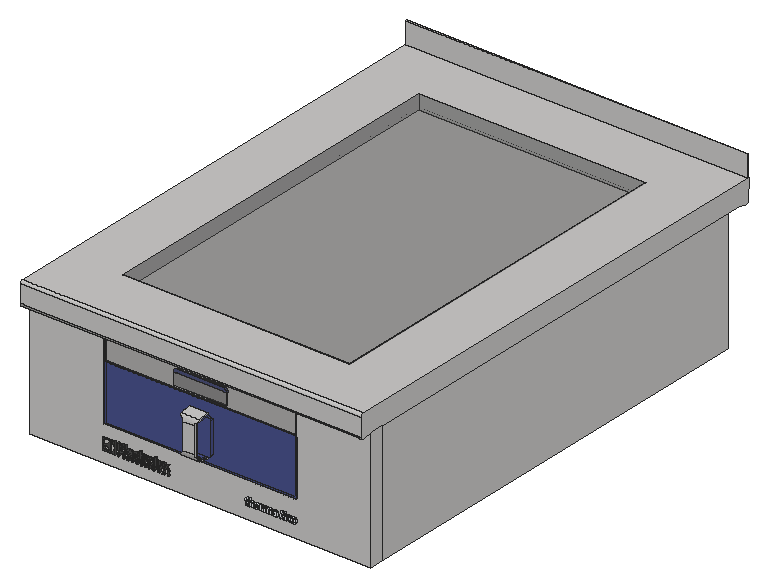
Revit family "QF_ELECTROLUXPROFESSIONAL_588686_MBRABBFOBO", category Attrezzature speciali, Revit 2020
Family settings
  Quota connettore circolare = Usa diametro
  Tipo di parte = Normale
  Basato su piano di lavoro = No
  Sempre verticale = Sì
  Taglio con vuoti quando caricato = No
  Condiviso = No
  Punto di calcolo locali = No
Parameters (values of type "Standard")
  Weight = 31.00 kg
  Watts = 550 W
  Volts = 230 V
  URL Manufacturer = "https://www.electroluxprofessional.com/"
  URL = "https://www.electroluxprofessional.com/"
  Steam Supply Size = 0"
  Steam Supply Minimum Pressure = 0.00 psi
  Steam Supply Maximum Pressure = 0.00 psi
  Steam Consumption per Hour = 0
  Refrigeration Suction Line Size = 0 mm
  Refrigeration Liquid Line Size = 0 mm
  Refrigerant Compressor Remote = yes
  Prospetto di default = 0 mm
  Phase = 1
  Modello = "MBRABBFOBO"
  Produttore = "Electrolux Professional"
  Length Actual = 600 mm  # constant formula
  Item Number = "588686"
  Hot Water Size = 0"
  Height Actual = 250 mm  # constant formula
  HP = "0.7 HP"
  Gas Size = 0"
  Gas KW = 0
  Gas Input Pressure = 0.0 Btu/h
  Direct Waste Size = 0"
  Descrizione = "EL.WARMING PLATE,1S,BS,600X850X250H"
  Depth Actual = 850 mm  # constant formula
  Cycle = 50 Hz
  Condensate Return Size = 0"
  Compressed Air Volume = 0 GPM
  Compressed Air Size = 0"
  Compressed Air Pressure = 0.00 psi
  Cold Water Size = 0"
  Accessory = yes
Reference planes
  plane 1 "BACK": y = 0
  plane 2: z = 0
  plane 3 "LEFT": x = 0
  plane 4 "RIGHT": x = 600
  plane 5 "FRONT": y = -850
  plane 6 "TOP": z = 900
  plane 7 "Center (Left/Right)": x = 300
  plane 8: y = -425
  plane 9: y = -150
  plane 10: x = 100
  plane 11: x = 500
  plane 12: y = -100
  plane 13: y = -750
  plane 14 "EIx": x = 555
  plane 15 "EIy": y = -635
  plane 16: z = 938
  plane 17 "BaseTop": z = 650
  plane 18: y = -805
Forms (mm)
  Extrusion 1, solid, material "QF_Finishes_Stainless Steel"
    sketch origin (-178.969, -4572, 100) x (-1, 0, 0) y (0, -1, 0)
      loop
        line (-178.969, -4527) -> (-178.969, -3767) -> (-778.969, -3767) -> (-778.969, -4527) -> (-178.969, -4527)
    from 550 to 762.969
  Extrusion 2, solid, material "QF_Finishes_Stainless Steel"
    sketch origin (0, 0, 650) x (-1, 0, 0) y (0, -1, 0)
      loop
        circle (-555, 635) r 6.35
    from 0 to -11.851
  Extrusion 3, solid, material "QF_Finishes_Stainless Steel"
    sketch origin (300, 296.4, 1219.2) x (0, 1, 0) y (0, 0, 1)
      loop
        line (-296.4, -319.2) -> (-1141.4, -319.2)
        arc (-1141.4, -319.2) -> (-1144.935, -320.664) -> (-1146.4, -324.2) r 5
        line (-1146.4, -324.2) -> (-1146.4, -355.2)
        arc (-1146.4, -355.2) -> (-1144.971, -358.264) -> (-1141.705, -359.139) r 4
        line (-1141.705, -359.139) -> (-1126.4, -356.231) -> (-316.4, -356.231) -> (-301.094, -359.139)
        arc (-301.094, -359.139) -> (-297.829, -358.264) -> (-296.4, -355.2) r 4
        line (-296.4, -355.2) -> (-296.4, -319.2)
    from -300 to 300
  Extrusion 4, solid, material "QF_Finishes_Electrolux_Black Smoke Iluminated"
    sketch origin (0, 0, 900) x (-1, 0, 0) y (0, -1, 0)
      loop
        line (-100, 100) -> (-100, 750) -> (-500, 750) -> (-500, 100) -> (-100, 100)
    from 1 to -20
  Extrusion 5, void
    sketch origin (0, 0, 900) x (-1, 0, 0) y (0, -1, 0)
      loop
        line (-100, 750) -> (-500, 750) -> (-500, 100) -> (-100, 100) -> (-100, 750)
    from 0 to -25
  Extrusion 6, solid, material "QF_Finishes_Stainless Steel"
    sketch origin (300, 296.4, 1219.2) x (0, 1, 0) y (0, 0, 1)
      loop
        line (-296.4, -319.2) -> (-296.4, -281.2) -> (-298.4, -281.2) -> (-298.4, -319.2) -> (-296.4, -319.2)
    from 300 to -300
Cuts and joins
  Extrusion 5 cuts Extrusion 3
Lines and regions (mm)
  symbolic lines
    curve 1: line (0, 0, 100) -> (600, 0, 100)
    curve 2: line (0, -850, 100) -> (0, 0, 100)
    curve 3: line (600, -850, 100) -> (0, -850, 100)
    curve 4: line (600, 0, 100) -> (600, -850, 100)
    curve 5: line (100, -750, 0) -> (500, -750, 0)
    curve 6: line (500, -750, 0) -> (500, -100, 0)
    curve 7: line (500, -100, 0) -> (100, -100, 0)
    curve 8: line (100, -100, 0) -> (100, -750, 0)
    curve 9: line (0, -2, 0) -> (1000, -2, 0)
Dimensions and locks
  plane 3 "LEFT" to plane 4 "RIGHT" = 600 mm
  locked: plane 5 "FRONT" to plane 1 "BACK" at 850
  equal spacing: plane 3 "LEFT", plane 7 "Center (Left/Right)", plane 4 "RIGHT"
  equal spacing: plane 5 "FRONT", plane 8, plane 1 "BACK"
  plane 6 "TOP" to level = 900 mm  (x2)
  plane 1 "BACK" to plane 9 = 150 mm
  plane 1 "BACK" to Extrusion 2 = 635 mm
  locked: plane 14 "EIx" to plane 4 "RIGHT" at 45
  locked: plane 15 "EIy" to plane 1 "BACK" at 635
  plane 16 to plane 6 "TOP" = 38 mm
  locked: plane 12 to plane 1 "BACK" at 100
  locked: plane 5 "FRONT" to plane 13 at 100
  plane 3 "LEFT" to plane 10 = 100 mm
  plane 11 to plane 4 "RIGHT" = 100 mm
  locked: plane 6 "TOP" to plane 17 "BaseTop" at 250
  locked: plane 18 to plane 5 "FRONT" at 45
  aligned and locked: level to plane 2
  aligned and locked: cut or joined group of Extrusion 3, Extrusion 5 to plane 3 "LEFT"
  aligned and locked: cut or joined group of Extrusion 3, Extrusion 5 to plane 4 "RIGHT"
  aligned and locked: Extrusion 5 sketch curve to plane 10
  aligned and locked: plane 12 to Extrusion 5 sketch curve
  aligned and locked: plane 11 to Extrusion 5 sketch curve
  aligned and locked: Extrusion 5 sketch curve to plane 13
  aligned and locked: plane 12 to Extrusion 4 sketch curve
  aligned and locked: Extrusion 4 sketch curve to plane 10
  aligned and locked: Extrusion 4 sketch curve to plane 13
  aligned and locked: plane 11 to Extrusion 4 sketch curve
  aligned and locked: nested 1 to plane 18
  aligned and locked: Extrusion 1 to plane 18
  aligned and locked: Extrusion 6 to plane 3 "LEFT"
  aligned and locked: Extrusion 6 to plane 4 "RIGHT"
  aligned and locked: plane 3 "LEFT" to nested 1
Automatic sketch dimensions
  Extrusion 3 sketch curve to plane 5 "FRONT" = 0 mm
  Extrusion 3 sketch curve to plane 6 "TOP" = 0 mm
  Extrusion 3 sketch curve to plane 1 "BACK" = 0 mm
  Extrusion 3 sketch curve to plane 5 "FRONT" = 4 mm
  Extrusion 3 sketch curve to Extrusion 3 sketch curve = 0.695 mm
  Extrusion 3 sketch curve to plane 5 "FRONT" = 5 mm
  Extrusion 3 sketch curve to Extrusion 3 sketch curve = 15.305 mm
  plane 1 "BACK" to Extrusion 3 sketch curve = 20 mm
  plane 1 "BACK" to Extrusion 3 sketch curve = 4.695 mm
  Extrusion 3 sketch curve to Extrusion 3 sketch curve = 4 mm
  Extrusion 3 sketch curve to Extrusion 3 sketch curve = 31 mm
  Extrusion 3 sketch curve to plane 6 "TOP" = 36 mm
  Extrusion 3 sketch curve to Extrusion 3 sketch curve = 2.909 mm
  Extrusion 1 sketch curve to plane 4 "RIGHT" = 0 mm
  Extrusion 1 sketch curve to plane 3 "LEFT" = 0 mm
  plane 1 "BACK" to Extrusion 1 sketch curve = 45 mm
  plane 1 "BACK" to curve 1 = 0 mm
  curve 1 to plane 4 "RIGHT" = 0 mm
  curve 2 to plane 3 "LEFT" = 0 mm
  plane 5 "FRONT" to curve 3 = 0 mm
  curve 5 to plane 10 = 0 mm
  curve 5 to plane 11 = 0 mm
  plane 13 to curve 6 = 0 mm
  plane 12 to curve 6 = 0 mm
  Extrusion 2 sketch curve to plane 14 "EIx" = 0 mm
  Extrusion 2 sketch curve to plane 15 "EIy" = 0 mm
  Extrusion 1 sketch curve to plane 5 "FRONT" = 45 mm
  Extrusion 6 sketch curve to plane 6 "TOP" = 0 mm
  Extrusion 6 sketch curve to plane 16 = 0 mm
  Extrusion 6 sketch curve to plane 1 "BACK" = 0 mm
  Extrusion 6 sketch curve to Extrusion 6 sketch curve = 2 mm
  radius of Extrusion 2 sketch curve = 6.35 mm
Nested families
  nested 1: "Front_Panel_W600_1 Knob" at (102.376, -805, 0), type "Front_Panel_W600_1 Knob"
Connectors
  electrical at (555, -635, 638.149)
    settings: on Extrusion 2, index 1, voltage 400 V, apparent load 33000 VA, apparent load phase1 0 VA, apparent load phase2 0 VA, apparent load phase3 0 VA, power factor 1, load classification "Other", number of poles 1, system type 30, power factor state 1, is connector primary yes, connector utility no, sub classification motor no, connector description "ELECTRICAL CONNECTION"
Definition of nested family "Front_Panel_W600_1 Knob"
  Parameters
    Width = 600 mm
    Default Elevation = 0 mm
  Reference planes
    plane 1 "Center (Front/Back)": y = 0
    plane 2: z = 0
    plane 3 "Center (Left/Right)": x = 197.624
    plane 4 "Left": x = -102.376
    plane 5 "Right": x = 497.624
    plane 6: y = -45
    plane 7: y = -25
    plane 8: x = 367.624
    plane 9: x = 27.624
  Forms (mm)
    Extrusion 1, solid
      sketch origin (833.217, 829.203, -1.25) x (0, 1, 0) y (0, 0, 1)
        loop
          line (-854.203, 651.25) -> (-829.203, 651.25) -> (-829.203, 864.25) -> (-854.203, 864.25) -> (-854.203, 651.25)
      from -935.593 to -335.593
    Extrusion 2, void
      sketch origin (0, 0, 0) x (1, 0, 0) y (0, 0, 1)
        loop
          line (27.624, 853.866) -> (27.624, 711.866) -> (367.624, 711.866) -> (367.624, 853.866) -> (27.624, 853.866)
      from 19.387 to 33.951
  Cuts and joins
    Extrusion 2 cuts Extrusion 1
  Dimensions and locks
    equal spacing: plane 5 "Right", plane 3 "Center (Left/Right)", plane 4 "Left"
    "Width": plane 5 "Right" to plane 4 "Left"
    aligned and locked: cut or joined group of Extrusion 1, Extrusion 2 to plane 4 "Left"
    aligned and locked: plane 5 "Right" to cut or joined group of Extrusion 1, Extrusion 2
    aligned and locked: plane 3 "Center (Left/Right)" to nested 1
    aligned and locked: cut or joined group of Extrusion 1, Extrusion 2 to nested 1
    aligned and locked: plane 9 to Extrusion 2 sketch curve
    aligned and locked: Extrusion 2 sketch curve to plane 8
    aligned and locked: plane 9 to cut or joined group of Extrusion 1, Extrusion 2
    aligned and locked: plane 8 to cut or joined group of Extrusion 1, Extrusion 2
    aligned and locked: plane 9 to nested 1
    aligned and locked: plane 8 to nested 1
    aligned and locked: nested 4 to plane 9
  Automatic sketch dimensions
    Extrusion 1 sketch curve to plane 1 "Center (Front/Back)" = 0 mm
    level to Extrusion 1 sketch curve = 650 mm
    level to Extrusion 2 sketch curve = 711.866 mm
    Extrusion 2 sketch curve to Extrusion 2 sketch curve = 142 mm
    Extrusion 1 sketch curve to plane 6 = 20 mm
    Extrusion 1 sketch curve to Extrusion 1 sketch curve = 213 mm
  Nested families
    nested 1: "Front glass control panel W340_1 Knob" at (197.624, 280.644, 2.752), type "Front glass control panel W340_1 Knob"
    nested 2: "Range Control Handle" at (197.624, -28.137, -209.113) x (-1, 0, 0) z (0, 0, 1), type "Range Control Handle"
    nested 3: "ELX_ThermaLine_Small" at (319.031, -25, 679.426) x (1, 0, 0) z (0, -1, 0), type "ELX_ThermaLine_Small"
      with Show Logo yes, Material_Logo none
    nested 4: "ELX_Professional_Logo_Small" at (87.11, -25, 681.659) x (1, 0, 0) z (0, -1, 0), type "ELX_Professional_Logo_Small"
      with Show Logo yes, Material_Logo none
  Definition of nested family "Front glass control panel W340_1 Knob"
    Parameters
      Default Elevation = 0 mm
    Reference planes
      plane 1 "Center (Front/Back)": y = 0
      plane 2: z = 0
      plane 3 "Center (Left/Right)": x = 0
    Forms (mm)
      Extrusion 1, solid
        sketch origin (378.286, 0, 0.617) x (1, 0, 0) y (0, 0, 1)
          loop
            line (-548.286, 806.791) -> (-548.286, 708.497) -> (-208.286, 708.497) -> (-208.286, 806.791) -> (-548.286, 806.791)
        from 300.031 to 304.8
      Extrusion 2, solid
        sketch origin (378.286, 0, 0.617) x (1, 0, 0) y (0, 0, 1)
          loop
            line (-548.286, 850.497) -> (-548.286, 806.791) -> (-208.286, 806.791) -> (-208.286, 850.497) -> (-548.286, 850.497)
        from 300.031 to 304.8
      Extrusion 3, void
        sketch origin (378.286, 0, 0.617) x (1, 0, 0) y (0, 0, 1)
          loop
            line (-545.628, 847.565) -> (-545.628, 710.699) -> (-211.196, 710.699) -> (-211.196, 847.565) -> (-545.628, 847.565)
        from 303.697 to 304.8
      Extrusion 4, solid
        sketch origin (308.309, 1.101, -0.633) x (1, 0, 0) y (0, 0, 1)
          loop
            line (-261.431, 812.62) -> (-261.431, 834.177) -> (-266.24, 834.177) -> (-268.039, 835.977) -> (-348.469, 835.977) -> (-350.269, 834.177) -> (-355.186, 834.177) -> (-355.186, 812.62) -> (-261.431, 812.62)
        from 304.798 to 306.745
      Extrusion 5, solid
        sketch origin (308.309, 1.101, -0.633) x (1, 0, 0) y (0, 0, 1)
          loop
            line (-350.269, 834.177) -> (-348.469, 835.977) -> (-268.039, 835.977) -> (-266.24, 834.177) -> (-261.529, 834.177)
            arc (-261.529, 834.177) -> (-262.706, 838.752) -> (-266.98, 840.763) r 5.549
            line (-266.98, 840.763) -> (-349.686, 840.763)
            arc (-349.686, 840.763) -> (-353.942, 838.747) -> (-355.078, 834.177) r 5.5
            line (-355.078, 834.177) -> (-350.269, 834.177)
        from 304.798 to 306.745
    Cuts and joins
      Extrusion 3 cuts Extrusion 1
      Extrusion 3 cuts Extrusion 2
    Dimensions and locks
      equal spacing: cut or joined group of Extrusion 2, Extrusion 3, plane 3 "Center (Left/Right)", cut or joined group of Extrusion 2, Extrusion 3
      cut or joined group of Extrusion 2, Extrusion 3 to cut or joined group of Extrusion 2, Extrusion 3 = 340 mm
      aligned and locked: Extrusion 1 to Extrusion 2
      aligned and locked: Extrusion 5 to Extrusion 4
    Automatic sketch dimensions
      Extrusion 1 sketch curve to plane 3 "Center (Left/Right)" = 170 mm
      plane 3 "Center (Left/Right)" to Extrusion 1 sketch curve = 170 mm
      level to Extrusion 1 sketch curve = 709.114 mm
      Extrusion 1 sketch curve to Extrusion 1 sketch curve = 98.294 mm
      Extrusion 2 sketch curve to plane 3 "Center (Left/Right)" = 170 mm
      plane 3 "Center (Left/Right)" to Extrusion 2 sketch curve = 170 mm
      level to Extrusion 2 sketch curve = 807.408 mm
      Extrusion 2 sketch curve to Extrusion 2 sketch curve = 43.706 mm
      Extrusion 3 sketch curve to plane 3 "Center (Left/Right)" = 167.342 mm
      plane 3 "Center (Left/Right)" to Extrusion 3 sketch curve = 167.091 mm
      level to Extrusion 3 sketch curve = 711.316 mm
      Extrusion 3 sketch curve to Extrusion 3 sketch curve = 136.866 mm
      Extrusion 4 sketch curve to plane 3 "Center (Left/Right)" = 46.877 mm
      Extrusion 4 sketch curve to Extrusion 4 sketch curve = 4.917 mm
      Extrusion 4 sketch curve to Extrusion 4 sketch curve = 1.8 mm  (x3)
      plane 3 "Center (Left/Right)" to Extrusion 4 sketch curve = 40.269 mm
      Extrusion 4 sketch curve to Extrusion 4 sketch curve = 4.809 mm
      level to Extrusion 4 sketch curve = 811.987 mm
      Extrusion 4 sketch curve to Extrusion 4 sketch curve = 21.557 mm  (x2)
      Extrusion 5 sketch curve to plane 3 "Center (Left/Right)" = 46.769 mm
      Extrusion 5 sketch curve to Extrusion 5 sketch curve = 4.809 mm
      Extrusion 5 sketch curve to Extrusion 5 sketch curve = 0.583 mm
      Extrusion 5 sketch curve to Extrusion 5 sketch curve = 1.217 mm
      plane 3 "Center (Left/Right)" to Extrusion 5 sketch curve = 40.269 mm
      Extrusion 5 sketch curve to Extrusion 5 sketch curve = 1.059 mm
      Extrusion 5 sketch curve to Extrusion 5 sketch curve = 0.741 mm
      Extrusion 5 sketch curve to Extrusion 5 sketch curve = 4.711 mm
      level to Extrusion 5 sketch curve = 833.543 mm
      Extrusion 5 sketch curve to Extrusion 5 sketch curve = 0 mm
      Extrusion 5 sketch curve to Extrusion 5 sketch curve = 1.037 mm
      Extrusion 5 sketch curve to Extrusion 5 sketch curve = 0.714 mm
  Definition of nested family "Range Control Handle"
    Parameters
      Default Elevation = 0 mm
    Reference planes
      plane 1 "Center (Front/Back)": y = 0
      plane 2: z = 0
      plane 3 "Center (Left/Right)": x = 0
      plane 4: z = 971.092
      plane 5: y = -16.9
    Forms (mm)
      Extrusion 1, solid
        sketch origin (-746.28, 380.497, 208.931) x (-1, 0, 0) y (0, 0, 1)
          loop
            line (-770.101, 786.798) -> (-770.101, 731.649)
            arc (-770.101, 731.649) -> (-769.759, 730.563) -> (-768.855, 729.87) r 1.893
            line (-768.855, 729.87) -> (-763.474, 727.911) -> (-729.81, 727.911) -> (-724.428, 729.87)
            arc (-724.428, 729.87) -> (-723.525, 730.563) -> (-723.183, 731.649) r 1.893
            line (-723.183, 731.649) -> (-723.183, 786.798)
            arc (-723.183, 786.798) -> (-723.529, 787.894) -> (-724.44, 788.593) r 1.91
            line (-724.44, 788.593) -> (-729.683, 790.819) -> (-763.601, 790.819) -> (-768.844, 788.593)
            arc (-768.844, 788.593) -> (-769.755, 787.894) -> (-770.101, 786.798) r 1.91
        from -382.35 to -378.852
      Sweep 2, solid
        path origin (-746.788, 380.496, 208.091) x (0, -1, 0) y (0, 0, 1)
          loop
            line (379.775, 793.281) -> (395.661, 791.048)
            arc (395.661, 791.048) -> (397.781, 787.377) -> (398.517, 783.202) r 12.207
            line (398.517, 783.202) -> (398.517, 737.368)
            arc (398.517, 737.368) -> (397.781, 733.193) -> (395.661, 729.522) r 12.207
            line (395.661, 729.522) -> (379.775, 727.289)
        profile origin (-746.788, -7.222, 1000.256) x (0, -0.139173, 0.990268) y (-1, 0, 0)
          loop
            line (0.782, -763.123) -> (0.782, -730.907) -> (-1.322, -730.907) -> (-1.322, -763.123) -> (0.782, -763.123)
      Sweep 3, solid
        path origin (-746.788, 380.715, 207.832) x (0, -1, 0) y (0, 0, 1)
          loop
            line (380.478, 795.442) -> (397.218, 793.09)
            arc (397.218, 793.09) -> (399.929, 788.473) -> (400.871, 783.202) r 15.207
            line (400.871, 783.202) -> (400.871, 737.584)
            arc (400.871, 737.584) -> (399.914, 732.274) -> (397.164, 727.633) r 15.207
            line (397.164, 727.633) -> (380.601, 725.305)
        profile origin (-746.788, -8.132, 1002.099) x (0, -0.139173, 0.990268) y (-1, 0, 0)
          loop
            line (0.782, -763.123) -> (0.782, -730.907) -> (-1.322, -730.907) -> (-1.322, -763.123) -> (0.782, -763.123)
      Extrusion 4, void
        sketch origin (889.253, 220.666, 207.993) x (1, 0, 0) y (0, 0, 1)
          loop
            line (-943.038, 816.854) -> (-943.038, 703.686) -> (-899.466, 734.196) -> (-899.466, 786.344) -> (-943.038, 816.854)
        from 230.636 to 242.25
      Extrusion 5, void
        sketch origin (-888.8, 220.666, 207.993) x (-1, 0, 0) y (0, 0, -1)
          loop
            line (-943.038, -816.854) -> (-899.466, -786.344) -> (-899.466, -734.196) -> (-943.038, -703.686) -> (-943.038, -816.854)
        from 230.636 to 242.25
      Extrusion 6, solid
        sketch origin (0, 0, 0) x (1, 0, 0) y (0, 0, 1)
          loop
            circle (0, 971.092) r 7.736
        from -3.137 to -1.645
    Cuts and joins
      Extrusion 4, Extrusion 5 cuts Sweep 3
      Extrusion 4, Extrusion 5 cuts Sweep 2
      joined: Extrusion 1, Extrusion 6
    Lines and regions (mm)
      symbolic lines
        curve 1: line (16.334, -16.9, 0) -> (16.334, -19.227, 0)
        curve 2: spline (16.334, -19.227, 0) -> (15.87, -19.385, 0) -> (15.404, -19.536, 0) -> (14.936, -19.678, 0) -> (14.466, -19.813, 0) -> (13.995, -19.94, 0) -> (13.523, -20.059, 0) -> (13.049, -20.171, 0) -> (12.575, -20.274, 0) -> (12.099, -20.37, 0) -> (11.622, -20.458, 0) -> (11.144, -20.537, 0) -> (10.666, -20.609, 0)
        curve 3: line (10.666, -16.9, 0) -> (10.666, -20.938, 0)
        curve 4: line (-10.213, -20.938, 0) -> (10.666, -20.938, 0)
        curve 5: line (-10.213, -20.938, 0) -> (-10.213, -16.9, 0)
        curve 6: spline (-10.213, -20.609, 0) -> (-10.691, -20.537, 0) -> (-11.169, -20.458, 0) -> (-11.646, -20.37, 0) -> (-12.122, -20.274, 0) -> (-12.597, -20.171, 0) -> (-13.07, -20.059, 0) -> (-13.542, -19.94, 0) -> (-14.013, -19.813, 0) -> (-14.483, -19.678, 0) -> (-14.951, -19.536, 0) -> (-15.417, -19.385, 0) -> (-15.881, -19.227, 0)
        curve 7: line (-15.881, -19.227, 0) -> (-15.881, -16.9, 0)
  Definition of nested family "ELX_ThermaLine_Small"
    Parameters
      Show Logo [instance] = yes
      Material_Logo [instance] = none
      Default Elevation = 0 mm
    Reference planes
      plane 1 "Centro (Fronte/Retro)": y = 0
      plane 2: z = 0
      plane 3 "Centro (Sinistra/Destra)": x = 0
    Forms (mm)
      Extrusion 1, solid
        sketch origin (0, 0, 0) x (1, 0, 0) y (0, 1, 0)
          loop
            line (-1219.2, 1219.2) -> (-1219.2, -1219.2) -> (1219.2, -1219.2) -> (1219.2, 1219.2) -> (-1219.2, 1219.2)
        from 0 to -304.8
      Extrusion 2, solid
        sketch origin (0, 0, 0) x (1, 0, 0) y (0, 1, 0)
          loop
            line (-37.494, 1.229) -> (-35.908, 1.229) -> (-35.908, 3.066) -> (-37.494, 3.066) -> (-37.494, 6.221) -> (-39.867, 4.881) -> (-39.867, 3.066) -> (-40.969, 3.066) -> (-40.969, 1.229) -> (-39.867, 1.229) -> (-39.867, -3.407)
            arc (-39.867, -3.407) -> (-38.982, -5.513) -> (-36.751, -6.001) r 2.478
            line (-36.751, -6.001) -> (-35.638, -5.7) -> (-35.9, -3.835) -> (-36.661, -4.039)
            arc (-36.661, -4.039) -> (-37.236, -3.924) -> (-37.494, -3.399) r 0.662
            line (-37.494, -3.399) -> (-37.494, 1.229)
          loop
            line (-34.242, 6.539) -> (-34.242, -5.848) -> (-31.854, -5.848) -> (-31.854, -0.078)
            arc (-31.854, -0.078) -> (-30.939, 1.249) -> (-29.33, 1.367) r 1.866
            arc (-29.33, 1.367) -> (-28.695, 0.768) -> (-28.461, -0.073) r 1.627
            line (-28.461, -0.073) -> (-28.461, -5.848) -> (-26.086, -5.848) -> (-26.064, -0.46)
            arc (-26.064, -0.46) -> (-26.261, 0.932) -> (-26.786, 2.237) r 5.825
            arc (-26.786, 2.237) -> (-29.381, 3.264) -> (-31.854, 1.971) r 3.353
            line (-31.854, 1.971) -> (-31.854, 6.539) -> (-34.242, 6.539)
          loop
            arc (-18.398, -0.598) -> (-18.893, 0.879) -> (-20.326, 1.487) r 1.897
            arc (-20.326, 1.487) -> (-21.461, 0.708) -> (-21.897, -0.598) r 2.164
            line (-21.897, -0.598) -> (-18.398, -0.598)
          loop
            arc (-16.021, -2.044) -> (-16.754, 1.227) -> (-19.444, 3.226) r 4.814
            arc (-19.444, 3.226) -> (-22.137, 2.788) -> (-23.943, 0.743) r 4.054
            arc (-23.943, 0.743) -> (-24.382, -1.249) -> (-24.162, -3.276) r 6.289
            arc (-24.162, -3.276) -> (-23.302, -4.71) -> (-21.958, -5.705) r 4.28
            arc (-21.958, -5.705) -> (-18.558, -5.814) -> (-16.152, -3.409) r 4.28
            line (-16.152, -3.409) -> (-18.5, -2.995)
            arc (-18.5, -2.995) -> (-19.273, -3.994) -> (-20.533, -4.076) r 1.536
            arc (-20.533, -4.076) -> (-21.56, -3.281) -> (-21.958, -2.044) r 2.197
            line (-21.958, -2.044) -> (-16.021, -2.044)
          loop
            line (-14.165, -5.848) -> (-11.819, -5.848) -> (-11.819, -2.138)
            arc (-11.819, -2.138) -> (-11.787, -1.156) -> (-11.637, -0.185) r 8.18
            arc (-11.637, -0.185) -> (-10.644, 0.972) -> (-9.132, 0.776) r 1.603
            line (-9.132, 0.776) -> (-8.419, 2.846)
            arc (-8.419, 2.846) -> (-10.432, 3.118) -> (-11.994, 1.821) r 2.527
            line (-11.994, 1.821) -> (-11.994, 3.094) -> (-14.165, 3.094) -> (-14.165, -5.848)
          loop
            line (-7.579, 3.094) -> (-7.579, -5.848) -> (-5.178, -5.848) -> (-5.178, -0.756)
            arc (-5.178, -0.756) -> (-4.727, 0.679) -> (-3.417, 1.419) r 2.05
            arc (-3.417, 1.419) -> (-2.499, 0.908) -> (-2.155, -0.085) r 1.471
            line (-2.155, -0.085) -> (-2.155, -5.848) -> (0.23, -5.848) -> (0.23, -1.001)
            arc (0.23, -1.001) -> (0.47, 0.127) -> (1.148, 1.061) r 2.775
            arc (1.148, 1.061) -> (2.225, 1.329) -> (3.05, 0.587) r 1.182
            arc (3.05, 0.587) -> (3.199, -0.019) -> (3.214, -0.642) r 2.894
            line (3.214, -0.642) -> (3.214, -5.848) -> (5.601, -5.848) -> (5.601, 0.261)
            arc (5.601, 0.261) -> (4.87, 2.263) -> (2.976, 3.241) r 2.932
            arc (2.976, 3.241) -> (1.284, 2.973) -> (-0.047, 1.896) r 3.309
            arc (-0.047, 1.896) -> (-1.116, 2.865) -> (-2.506, 3.258) r 3.16
            arc (-2.506, 3.258) -> (-4.105, 2.942) -> (-5.376, 1.92) r 3.419
            line (-5.376, 1.92) -> (-5.376, 3.094) -> (-7.579, 3.094)
          loop
            line (7.583, 0.738) -> (9.702, 0.364)
            arc (9.702, 0.364) -> (11.441, 1.492) -> (12.855, -0.023) r 1.613
            line (12.855, -0.023) -> (9.782, -0.789)
            arc (9.782, -0.789) -> (8.559, -1.346) -> (7.617, -2.305) r 3.687
            arc (7.617, -2.305) -> (7.499, -3.681) -> (7.901, -5.003) r 3.651
            arc (7.901, -5.003) -> (9.107, -5.766) -> (10.515, -6.006) r 3.635
            arc (10.515, -6.006) -> (11.898, -5.697) -> (13.067, -4.895) r 3.734
            line (13.067, -4.895) -> (13.376, -5.848) -> (15.75, -5.848) -> (15.212, -4.193) -> (15.212, 0.38)
            arc (15.212, 0.38) -> (14.897, 1.849) -> (13.818, 2.895) r 2.585
            arc (13.818, 2.895) -> (11.792, 3.442) -> (9.719, 3.11) r 5.005
            arc (9.719, 3.11) -> (8.369, 2.178) -> (7.583, 0.738) r 3.54
          loop
            line (19.723, -5.848) -> (22.233, -5.848) -> (24.854, 6.484) -> (22.345, 6.484) -> (19.723, -5.848)
          loop
            line (24.583, -5.848) -> (26.953, -5.848) -> (28.848, 3.066) -> (26.478, 3.066) -> (24.583, -5.848)
          loop
            line (27.204, 6.484) -> (26.741, 4.305) -> (29.111, 4.305) -> (29.575, 6.484) -> (27.204, 6.484)
          loop
            line (29.355, -5.848) -> (31.849, -5.848) -> (33.098, 0.028)
            arc (33.098, 0.028) -> (34.169, 1.306) -> (35.832, 1.422) r 2.132
            arc (35.832, 1.422) -> (36.324, 0.752) -> (36.383, -0.078) r 1.5
            line (36.383, -0.078) -> (35.157, -5.848) -> (37.536, -5.848) -> (38.936, 0.738)
            arc (38.936, 0.738) -> (38.775, 2.091) -> (37.825, 3.066) r 2.118
            arc (37.825, 3.066) -> (35.392, 3.175) -> (33.295, 1.937) r 4.271
            line (33.295, 1.937) -> (33.535, 3.066) -> (31.25, 3.066) -> (29.355, -5.848)
          loop
            line (42.792, -0.64) -> (46.589, -0.64)
            arc (46.589, -0.64) -> (46.639, 0.124) -> (46.327, 0.823) r 1.589
            arc (46.327, 0.823) -> (45.117, 1.521) -> (43.762, 1.183) r 1.865
            arc (43.762, 1.183) -> (43.141, 0.344) -> (42.792, -0.64) r 3.538
          loop
            line (42.565, -2.138) -> (48.593, -2.138)
            arc (48.593, -2.138) -> (48.58, 0.597) -> (46.983, 2.818) r 4.494
            arc (46.983, 2.818) -> (44.191, 3.28) -> (41.725, 1.891) r 4.26
            arc (41.725, 1.891) -> (40.503, -0.3) -> (40.284, -2.799) r 6.003
            arc (40.284, -2.799) -> (40.959, -4.468) -> (42.377, -5.576) r 3.482
            arc (42.377, -5.576) -> (44.265, -5.961) -> (46.152, -5.576) r 4.823
            arc (46.152, -5.576) -> (47.432, -4.731) -> (48.328, -3.485) r 4.245
            line (48.328, -3.485) -> (46.168, -3.105)
            arc (46.168, -3.105) -> (45.214, -4.072) -> (43.859, -4.181) r 1.953
            arc (43.859, -4.181) -> (42.821, -3.408) -> (42.565, -2.138) r 1.81
          loop
            line (12.868, -1.553) -> (10.216, -2.214)
            arc (10.216, -2.214) -> (9.747, -3.136) -> (10.216, -4.058) r 1.14
            arc (10.216, -4.058) -> (11.537, -4.249) -> (12.614, -3.46) r 1.763
            arc (12.614, -3.46) -> (12.858, -2.522) -> (12.868, -1.553) r 3.97
        from 0 to 1.6
    Dimensions and locks
      aligned and locked: plane 2 to Extrusion 1
      aligned and locked: level to Extrusion 1
  Definition of nested family "ELX_Professional_Logo_Small"
    Parameters
      Show Logo [instance] = yes
      Material_Logo [instance] = none
      Default Elevation = 0 mm
    Reference planes
      plane 1 "Centro (Fronte/Retro)": y = 0
      plane 2: z = 0
      plane 3 "Centro (Sinistra/Destra)": x = 0
    Forms (mm)
      Extrusion 1, solid
        sketch origin (0, 0, 0) x (1, 0, 0) y (0, 1, 0)
          loop
            line (-1219.2, 1219.2) -> (-1219.2, -1219.2) -> (1219.2, -1219.2) -> (1219.2, 1219.2) -> (-1219.2, 1219.2)
        from 0 to -304.8
      Extrusion 2, solid, material <- "Material_Logo"
        sketch origin (15.5, 0, 0) x (1, 0, 0) y (0, 1, 0)
          loop
            spline (-42.99, -1.24) -> (-43.195, -1.231) -> (-43.415, -1.203) -> (-43.642, -1.152) -> (-43.87, -1.074) -> (-44.095, -0.966) -> (-44.309, -0.825) -> (-44.506, -0.647) -> (-44.681, -0.429) -> (-44.828, -0.167) -> (-44.94, 0.142) -> (-45.011, 0.501) -> (-45.037, 0.915)
            line (-45.037, 0.915) -> (-45.037, 2.748) -> (-38.984, 2.748) -> (-38.984, 5.086) -> (-45.038, 5.086) -> (-45.038, 8.489) -> (-38.599, 8.489) -> (-38.599, 10.82) -> (-47.515, 10.82) -> (-47.515, 1.021)
            spline (-47.515, 1.021) -> (-47.493, 0.418) -> (-47.425, -0.15) -> (-47.311, -0.682) -> (-47.15, -1.175) -> (-46.939, -1.628) -> (-46.678, -2.038) -> (-46.365, -2.404) -> (-46, -2.723) -> (-45.58, -2.995) -> (-45.105, -3.216) -> (-44.573, -3.385) -> (-43.983, -3.499)
            line (-43.983, -3.499) -> (-43.01, -3.569) -> (-38.426, -3.569) -> (-38.426, -1.24) -> (-42.99, -1.24)
          loop
            line (-36.666, 4.021) -> (-36.666, -3.573) -> (-34.188, -3.573) -> (-34.188, 10.824) -> (-36.666, 10.824) -> (-36.666, 4.021)
          loop
            spline (-21.915, 1.897) -> (-21.957, 2.615) -> (-22.082, 3.303) -> (-22.285, 3.955) -> (-22.563, 4.564) -> (-22.913, 5.124) -> (-23.331, 5.629) -> (-23.814, 6.074) -> (-24.359, 6.451) -> (-24.961, 6.755) -> (-25.618, 6.98) -> (-26.326, 7.119) -> (-27.081, 7.167)
            spline (-27.081, 7.167) -> (-27.853, 7.122) -> (-28.586, 6.99) -> (-29.275, 6.774) -> (-29.915, 6.478) -> (-30.5, 6.104) -> (-31.024, 5.657) -> (-31.483, 5.138) -> (-31.871, 4.553) -> (-32.182, 3.904) -> (-32.411, 3.194) -> (-32.552, 2.427) -> (-32.6, 1.606)
            spline (-32.6, 1.606) -> (-32.553, 0.805) -> (-32.416, 0.057) -> (-32.193, -0.637) -> (-31.887, -1.271) -> (-31.504, -1.843) -> (-31.048, -2.35) -> (-30.523, -2.788) -> (-29.934, -3.154) -> (-29.284, -3.444) -> (-28.579, -3.656) -> (-27.822, -3.785) -> (-27.019, -3.829)
            spline (-27.019, -3.829) -> (-26.627, -3.82) -> (-26.239, -3.79) -> (-25.856, -3.739) -> (-25.477, -3.663) -> (-25.103, -3.562) -> (-24.734, -3.432) -> (-24.369, -3.273) -> (-24.01, -3.082) -> (-23.655, -2.858) -> (-23.305, -2.597) -> (-22.96, -2.299) -> (-22.621, -1.962)
            line (-22.621, -1.962) -> (-24.114, -0.509)
            spline (-24.114, -0.509) -> (-24.311, -0.699) -> (-24.509, -0.872) -> (-24.71, -1.03) -> (-24.915, -1.172) -> (-25.126, -1.297) -> (-25.346, -1.407) -> (-25.576, -1.5) -> (-25.817, -1.576) -> (-26.072, -1.636) -> (-26.342, -1.678) -> (-26.629, -1.704) -> (-26.936, -1.713)
            spline (-26.936, -1.713) -> (-27.384, -1.691) -> (-27.805, -1.625) -> (-28.196, -1.518) -> (-28.556, -1.372) -> (-28.882, -1.187) -> (-29.174, -0.966) -> (-29.429, -0.71) -> (-29.645, -0.422) -> (-29.821, -0.102) -> (-29.955, 0.247) -> (-30.045, 0.623) -> (-30.089, 1.026)
            line (-30.089, 1.026) -> (-21.956, 1.026) -> (-21.915, 1.897)
          loop
            spline (-24.446, 2.769) -> (-24.47, 3.075) -> (-24.54, 3.37) -> (-24.654, 3.65) -> (-24.807, 3.913) -> (-24.996, 4.156) -> (-25.219, 4.376) -> (-25.472, 4.57) -> (-25.753, 4.736) -> (-26.057, 4.869) -> (-26.382, 4.968) -> (-26.724, 5.03) -> (-27.081, 5.051)
            spline (-27.081, 5.051) -> (-27.464, 5.03) -> (-27.832, 4.97) -> (-28.183, 4.872) -> (-28.513, 4.74) -> (-28.819, 4.577) -> (-29.099, 4.384) -> (-29.347, 4.165) -> (-29.563, 3.923) -> (-29.742, 3.659) -> (-29.881, 3.377) -> (-29.977, 3.079) -> (-30.027, 2.769)
            line (-30.027, 2.769) -> (-24.446, 2.769)
          loop
            spline (-18.167, 1.669) -> (-18.138, 2.13) -> (-18.055, 2.567) -> (-17.921, 2.978) -> (-17.739, 3.358) -> (-17.512, 3.705) -> (-17.243, 4.016) -> (-16.937, 4.287) -> (-16.596, 4.517) -> (-16.223, 4.7) -> (-15.823, 4.835) -> (-15.398, 4.919) -> (-14.951, 4.947)
            spline (-14.951, 4.947) -> (-14.677, 4.938) -> (-14.414, 4.913) -> (-14.162, 4.871) -> (-13.921, 4.812) -> (-13.69, 4.738) -> (-13.467, 4.649) -> (-13.254, 4.544) -> (-13.048, 4.424) -> (-12.85, 4.291) -> (-12.659, 4.143) -> (-12.474, 3.981) -> (-12.295, 3.806)
            line (-12.295, 3.806) -> (-10.76, 5.403)
            spline (-10.76, 5.403) -> (-11.065, 5.709) -> (-11.38, 5.984) -> (-11.703, 6.228) -> (-12.035, 6.443) -> (-12.375, 6.63) -> (-12.723, 6.788) -> (-13.078, 6.92) -> (-13.44, 7.026) -> (-13.809, 7.107) -> (-14.184, 7.164) -> (-14.564, 7.198) -> (-14.951, 7.209)
            spline (-14.951, 7.209) -> (-15.725, 7.161) -> (-16.467, 7.02) -> (-17.169, 6.792) -> (-17.826, 6.482) -> (-18.43, 6.096) -> (-18.976, 5.637) -> (-19.455, 5.112) -> (-19.862, 4.525) -> (-20.19, 3.882) -> (-20.433, 3.189) -> (-20.584, 2.449) -> (-20.635, 1.669)
            spline (-20.635, 1.669) -> (-20.584, 0.889) -> (-20.433, 0.149) -> (-20.19, -0.545) -> (-19.862, -1.187) -> (-19.455, -1.774) -> (-18.976, -2.299) -> (-18.43, -2.758) -> (-17.826, -3.145) -> (-17.169, -3.454) -> (-16.467, -3.682) -> (-15.725, -3.823) -> (-14.951, -3.871)
            spline (-14.951, -3.871) -> (-14.564, -3.86) -> (-14.184, -3.826) -> (-13.809, -3.77) -> (-13.44, -3.689) -> (-13.078, -3.583) -> (-12.723, -3.451) -> (-12.375, -3.292) -> (-12.035, -3.105) -> (-11.703, -2.89) -> (-11.38, -2.646) -> (-11.065, -2.371) -> (-10.76, -2.066)
            line (-10.76, -2.066) -> (-12.295, -0.468)
            spline (-12.295, -0.468) -> (-12.474, -0.643) -> (-12.659, -0.805) -> (-12.85, -0.953) -> (-13.048, -1.087) -> (-13.254, -1.206) -> (-13.467, -1.311) -> (-13.69, -1.4) -> (-13.921, -1.475) -> (-14.162, -1.533) -> (-14.414, -1.575) -> (-14.677, -1.6) -> (-14.951, -1.609)
            spline (-14.951, -1.609) -> (-15.398, -1.581) -> (-15.823, -1.497) -> (-16.223, -1.362) -> (-16.596, -1.179) -> (-16.937, -0.95) -> (-17.243, -0.678) -> (-17.512, -0.367) -> (-17.739, -0.02) -> (-17.921, 0.36) -> (-18.055, 0.771) -> (-18.138, 1.208) -> (-18.167, 1.669)
          loop
            spline (-4.441, -1.243) -> (-4.659, -1.247) -> (-4.894, -1.23) -> (-5.137, -1.19) -> (-5.384, -1.121) -> (-5.628, -1.021) -> (-5.864, -0.884) -> (-6.084, -0.708) -> (-6.283, -0.488) -> (-6.454, -0.219) -> (-6.592, 0.101) -> (-6.69, 0.478) -> (-6.742, 0.914)
            line (-6.742, 0.914) -> (-6.742, 4.587) -> (-4.487, 4.587) -> (-4.487, 6.838) -> (-6.738, 6.838) -> (-6.738, 10.824) -> (-9.217, 10.824) -> (-9.217, 0.773)
            spline (-9.217, 0.773) -> (-9.164, 0.19) -> (-9.068, -0.358) -> (-8.928, -0.87) -> (-8.742, -1.343) -> (-8.511, -1.777) -> (-8.232, -2.168) -> (-7.904, -2.515) -> (-7.527, -2.816) -> (-7.098, -3.069) -> (-6.618, -3.273) -> (-6.084, -3.426) -> (-5.496, -3.525)
            line (-5.496, -3.525) -> (-4.45, -3.573) -> (-4.441, -1.243)
          loop
            spline (3.898, 6.983) -> (3.469, 7.009) -> (3.056, 7.001) -> (2.661, 6.961) -> (2.283, 6.888) -> (1.925, 6.785) -> (1.588, 6.652) -> (1.272, 6.49) -> (0.979, 6.301) -> (0.71, 6.085) -> (0.465, 5.844) -> (0.247, 5.578) -> (0.056, 5.289)
            line (0.056, 5.289) -> (0.056, 6.838) -> (-2.402, 6.838) -> (-2.402, -3.572) -> (0.056, -3.572) -> (0.056, 1.901)
            spline (0.056, 1.901) -> (0.079, 2.316) -> (0.145, 2.703) -> (0.254, 3.06) -> (0.404, 3.386) -> (0.592, 3.679) -> (0.818, 3.938) -> (1.08, 4.162) -> (1.375, 4.348) -> (1.703, 4.495) -> (2.062, 4.602) -> (2.45, 4.668) -> (2.865, 4.69)
            line (2.865, 4.69) -> (3.898, 4.586) -> (3.898, 6.983)
          loop
            spline (15.638, 1.633) -> (15.586, 2.396) -> (15.435, 3.124) -> (15.192, 3.81) -> (14.863, 4.449) -> (14.455, 5.034) -> (13.975, 5.56) -> (13.43, 6.021) -> (12.826, 6.411) -> (12.17, 6.724) -> (11.469, 6.955) -> (10.729, 7.098) -> (9.958, 7.147)
            spline (9.958, 7.147) -> (9.182, 7.098) -> (8.44, 6.955) -> (7.737, 6.724) -> (7.081, 6.411) -> (6.477, 6.021) -> (5.933, 5.56) -> (5.454, 5.034) -> (5.048, 4.449) -> (4.721, 3.81) -> (4.479, 3.124) -> (4.329, 2.396) -> (4.277, 1.633)
            spline (4.277, 1.633) -> (4.329, 0.869) -> (4.479, 0.141) -> (4.721, -0.544) -> (5.048, -1.183) -> (5.454, -1.768) -> (5.933, -2.294) -> (6.477, -2.755) -> (7.081, -3.145) -> (7.737, -3.459) -> (8.44, -3.69) -> (9.182, -3.833) -> (9.958, -3.882)
            spline (9.958, -3.882) -> (10.729, -3.833) -> (11.469, -3.69) -> (12.17, -3.459) -> (12.826, -3.145) -> (13.43, -2.755) -> (13.975, -2.294) -> (14.455, -1.768) -> (14.863, -1.183) -> (15.192, -0.544) -> (15.435, 0.141) -> (15.586, 0.869) -> (15.638, 1.633)
          loop
            spline (13.18, 1.633) -> (13.151, 2.083) -> (13.067, 2.513) -> (12.932, 2.918) -> (12.748, 3.296) -> (12.52, 3.642) -> (12.251, 3.954) -> (11.943, 4.227) -> (11.601, 4.459) -> (11.228, 4.645) -> (10.828, 4.782) -> (10.403, 4.867) -> (9.958, 4.896)
            spline (9.958, 4.896) -> (9.509, 4.867) -> (9.081, 4.782) -> (8.679, 4.645) -> (8.306, 4.459) -> (7.964, 4.227) -> (7.658, 3.954) -> (7.39, 3.642) -> (7.163, 3.296) -> (6.981, 2.918) -> (6.847, 2.513) -> (6.765, 2.083) -> (6.736, 1.633)
            spline (6.736, 1.633) -> (6.765, 1.182) -> (6.847, 0.753) -> (6.981, 0.347) -> (7.163, -0.031) -> (7.39, -0.377) -> (7.658, -0.689) -> (7.964, -0.962) -> (8.306, -1.193) -> (8.679, -1.38) -> (9.081, -1.517) -> (9.509, -1.602) -> (9.958, -1.631)
            spline (9.958, -1.631) -> (10.403, -1.602) -> (10.828, -1.517) -> (11.228, -1.38) -> (11.601, -1.193) -> (11.943, -0.962) -> (12.251, -0.689) -> (12.52, -0.377) -> (12.748, -0.031) -> (12.932, 0.347) -> (13.067, 0.753) -> (13.151, 1.182) -> (13.18, 1.633)
          loop
            line (17.162, 4.269) -> (17.162, -3.573) -> (19.642, -3.573) -> (19.642, 10.824) -> (17.162, 10.824) -> (17.162, 4.269)
          loop
            line (28.581, 6.838) -> (28.581, 0.786)
            spline (28.581, 0.786) -> (28.561, 0.393) -> (28.503, 0.038) -> (28.409, -0.279) -> (28.281, -0.559) -> (28.122, -0.802) -> (27.933, -1.011) -> (27.717, -1.185) -> (27.476, -1.325) -> (27.213, -1.433) -> (26.929, -1.509) -> (26.626, -1.554) -> (26.308, -1.569)
            spline (26.308, -1.569) -> (25.99, -1.554) -> (25.688, -1.509) -> (25.404, -1.434) -> (25.141, -1.326) -> (24.9, -1.187) -> (24.684, -1.014) -> (24.496, -0.807) -> (24.336, -0.565) -> (24.209, -0.288) -> (24.115, 0.026) -> (24.057, 0.376) -> (24.037, 0.765)
            line (24.037, 0.765) -> (24.037, 6.838) -> (21.537, 6.838) -> (21.537, 0.558)
            spline (21.537, 0.558) -> (21.581, -0.153) -> (21.71, -0.8) -> (21.916, -1.384) -> (22.195, -1.904) -> (22.54, -2.362) -> (22.944, -2.757) -> (23.403, -3.09) -> (23.909, -3.362) -> (24.456, -3.572) -> (25.04, -3.722) -> (25.652, -3.811) -> (26.288, -3.841)
            spline (26.288, -3.841) -> (26.929, -3.811) -> (27.547, -3.72) -> (28.135, -3.568) -> (28.687, -3.355) -> (29.197, -3.079) -> (29.66, -2.741) -> (30.068, -2.341) -> (30.415, -1.877) -> (30.696, -1.349) -> (30.905, -0.757) -> (31.034, -0.101) -> (31.079, 0.621)
            line (31.079, 0.621) -> (31.079, 6.838) -> (28.581, 6.838)
          loop
            line (40.457, -0.243) -> (38.894, 1.942) -> (40.83, 4.579) -> (42.488, 6.837) -> (39.782, 6.837) -> (37.53, 3.719) -> (35.258, 6.837) -> (32.573, 6.837) -> (34.113, 4.731) -> (36.167, 1.922) -> (34.014, -1.076) -> (32.222, -3.573) -> (34.887, -3.573) -> (37.53, 0.104) -> (40.174, -3.573) -> (42.839, -3.573) -> (40.457, -0.243)
          loop
            line (-46.121, -5.837) -> (-48.039, -5.837) -> (-48.039, -10.814) -> (-47.016, -10.814) -> (-47.016, -9.128) -> (-46.121, -9.128)
            arc (-46.121, -9.128) -> (-44.476, -7.482) -> (-46.121, -5.837) r 1.645
          loop
            line (-46.163, -6.778) -> (-47.016, -6.778) -> (-47.016, -8.187) -> (-46.163, -8.187)
            arc (-46.163, -8.187) -> (-45.458, -7.482) -> (-46.163, -6.778) r 0.704
          loop
            line (-38.313, -5.837) -> (-40.265, -5.837) -> (-40.265, -10.814) -> (-39.241, -10.814) -> (-39.241, -9.1) -> (-38.46, -9.182) -> (-37.48, -10.814) -> (-36.318, -10.814) -> (-37.513, -8.848)
            arc (-37.513, -8.848) -> (-36.888, -8.266) -> (-36.671, -7.441) r 1.536
            arc (-36.671, -7.441) -> (-37.165, -6.305) -> (-38.313, -5.837) r 1.643
          loop
            arc (-38.402, -8.166) -> (-37.707, -7.505) -> (-38.334, -6.778) r 0.696
            line (-38.334, -6.778) -> (-39.241, -6.778) -> (-39.241, -8.166) -> (-38.402, -8.166)
          loop
            circle (-29.965, -8.325) r 2.585
          loop
            circle (-29.965, -8.325) r 1.64
          loop
            line (-23.1, -5.837) -> (-23.1, -10.814) -> (-22.076, -10.814) -> (-22.076, -8.768) -> (-20.204, -8.768) -> (-20.204, -7.828) -> (-22.076, -7.828) -> (-22.076, -6.778) -> (-20.024, -6.778) -> (-20.024, -5.837) -> (-23.1, -5.837)
          loop
            line (-15.802, -5.837) -> (-15.802, -9.2)
            arc (-15.802, -9.2) -> (-15.343, -10.34) -> (-14.209, -10.814) r 1.593
            line (-14.209, -10.814) -> (-12.602, -10.814) -> (-12.602, -10.027) -> (-14.004, -10.027)
            arc (-14.004, -10.027) -> (-14.552, -9.8) -> (-14.779, -9.252) r 0.775
            line (-14.779, -9.252) -> (-14.779, -8.424) -> (-12.789, -8.424) -> (-12.789, -7.642) -> (-14.779, -7.642) -> (-14.779, -6.778) -> (-12.651, -6.778) -> (-12.651, -5.837) -> (-15.802, -5.837)
          loop
            line (-5.909, -7.143) -> (-5.173, -6.638)
            arc (-5.173, -6.638) -> (-5.855, -5.974) -> (-6.781, -5.755) r 1.782
            arc (-6.781, -5.755) -> (-7.397, -5.878) -> (-7.944, -6.189) r 1.974
            arc (-7.944, -6.189) -> (-8.202, -6.5) -> (-8.317, -6.888) r 1.013
            arc (-8.317, -6.888) -> (-8.306, -7.341) -> (-8.192, -7.78) r 1.985
            arc (-8.192, -7.78) -> (-7.749, -8.259) -> (-7.171, -8.563) r 1.928
            arc (-7.171, -8.563) -> (-6.637, -8.779) -> (-6.131, -9.056) r 5.041
            arc (-6.131, -9.056) -> (-5.934, -9.387) -> (-6.09, -9.74) r 0.42
            arc (-6.09, -9.74) -> (-6.631, -9.96) -> (-7.204, -9.845) r 1.016
            arc (-7.204, -9.845) -> (-7.625, -9.603) -> (-7.889, -9.196) r 1.033
            line (-7.889, -9.196) -> (-8.67, -9.686)
            arc (-8.67, -9.686) -> (-8.361, -10.198) -> (-7.908, -10.589) r 1.914
            arc (-7.908, -10.589) -> (-7.334, -10.834) -> (-6.714, -10.896) r 2.063
            arc (-6.714, -10.896) -> (-5.947, -10.743) -> (-5.256, -10.376) r 2.696
            arc (-5.256, -10.376) -> (-4.95, -9.565) -> (-5.108, -8.712) r 1.618
            arc (-5.108, -8.712) -> (-5.448, -8.319) -> (-5.884, -8.035) r 1.876
            arc (-5.884, -8.035) -> (-6.434, -7.789) -> (-6.999, -7.577) r 9.883
            arc (-6.999, -7.577) -> (-7.325, -7.07) -> (-6.854, -6.694) r 0.45
            arc (-6.854, -6.694) -> (-6.329, -6.809) -> (-5.909, -7.143) r 1.197
          loop
            line (1.61, -7.143) -> (2.345, -6.638)
            arc (2.345, -6.638) -> (1.663, -5.974) -> (0.737, -5.755) r 1.782
            arc (0.737, -5.755) -> (0.121, -5.878) -> (-0.425, -6.189) r 1.974
            arc (-0.425, -6.189) -> (-0.683, -6.5) -> (-0.799, -6.888) r 1.013
            arc (-0.799, -6.888) -> (-0.788, -7.341) -> (-0.674, -7.78) r 1.985
            arc (-0.674, -7.78) -> (-0.231, -8.259) -> (0.347, -8.563) r 1.928
            arc (0.347, -8.563) -> (0.881, -8.779) -> (1.387, -9.056) r 5.041
            arc (1.387, -9.056) -> (1.584, -9.387) -> (1.428, -9.74) r 0.42
            arc (1.428, -9.74) -> (0.887, -9.96) -> (0.314, -9.845) r 1.016
            arc (0.314, -9.845) -> (-0.107, -9.603) -> (-0.371, -9.196) r 1.033
            line (-0.371, -9.196) -> (-1.152, -9.686)
            arc (-1.152, -9.686) -> (-0.842, -10.198) -> (-0.39, -10.589) r 1.914
            arc (-0.39, -10.589) -> (0.184, -10.834) -> (0.804, -10.896) r 2.063
            arc (0.804, -10.896) -> (1.572, -10.743) -> (2.263, -10.376) r 2.696
            arc (2.263, -10.376) -> (2.568, -9.565) -> (2.411, -8.712) r 1.618
            arc (2.411, -8.712) -> (2.07, -8.319) -> (1.635, -8.035) r 1.876
            arc (1.635, -8.035) -> (1.084, -7.789) -> (0.519, -7.577) r 9.883
            arc (0.519, -7.577) -> (0.193, -7.07) -> (0.665, -6.694) r 0.45
            arc (0.665, -6.694) -> (1.189, -6.809) -> (1.61, -7.143) r 1.197
          loop
            line (6.801, -5.837) -> (6.801, -10.814) -> (7.825, -10.814) -> (7.825, -5.837) -> (6.801, -5.837)
          loop
            circle (14.724, -8.325) r 1.548
          loop
            circle (14.724, -8.325) r 2.585
          loop
            line (21.59, -10.814) -> (22.623, -10.814) -> (22.623, -7.685) -> (24.9, -10.814) -> (25.895, -10.814) -> (25.895, -5.837) -> (24.861, -5.837) -> (24.861, -9.061) -> (22.585, -5.837) -> (21.59, -5.837) -> (21.59, -10.814)
          loop
            line (31.054, -10.814) -> (31.539, -9.74) -> (33.38, -9.74) -> (33.865, -10.814) -> (34.965, -10.814) -> (32.46, -5.837) -> (29.956, -10.814) -> (31.054, -10.814)
          loop
            line (32.46, -7.698) -> (31.999, -8.719) -> (32.921, -8.719) -> (32.46, -7.698)
          loop
            line (40.047, -9.873) -> (40.047, -5.837) -> (39.024, -5.837) -> (39.024, -10.814) -> (41.961, -10.814) -> (41.961, -9.873) -> (40.047, -9.873)
          loop
            line (-74.986, -10.814) -> (-53.322, -10.814) -> (-53.322, 10.82) -> (-74.986, 10.82) -> (-74.986, -10.814)
          loop
            line (-61.261, 9.758) -> (-61.261, -9.707)
            arc (-61.261, -9.707) -> (-54.066, 0.025) -> (-61.261, 9.758) r 10.18
          loop
            line (-62.251, 8.349) -> (-62.251, 9.758)
            arc (-62.251, 9.758) -> (-70.347, 7.918) -> (-74.247, 0.59) r 9.976
            line (-74.247, 0.59) -> (-71.026, 0.59)
            arc (-71.026, 0.59) -> (-65.274, 2.925) -> (-62.251, 8.349) r 9.351
          loop
            arc (-74.247, -0.539) -> (-70.353, -7.928) -> (-62.251, -9.957) r 10.237
            line (-62.251, -9.957) -> (-62.251, -8.298)
            arc (-62.251, -8.298) -> (-65.274, -2.874) -> (-71.026, -0.539) r 9.351
            line (-71.026, -0.539) -> (-74.247, -0.539)
        from 0 to 1.644
    Dimensions and locks
      aligned and locked: plane 2 to Extrusion 1
      aligned and locked: level to Extrusion 1
